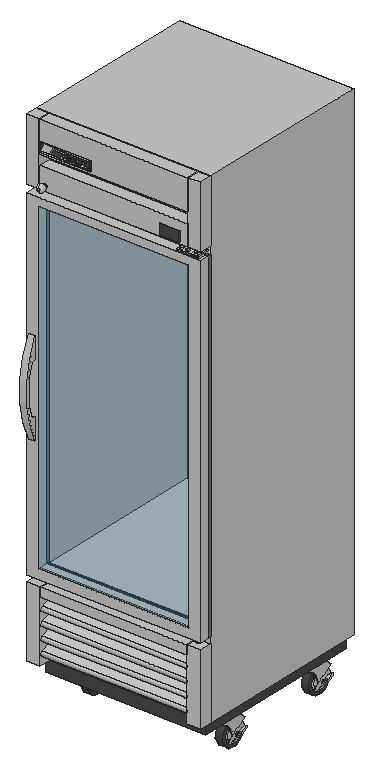
Revit family "QF_TRUE_T-23G-HC~FGD01_cat", category Specialty Equipment, Revit 2015
Parameters (values of type "T-23G-HC~FGD01_230-240/50/1")
  Weight in Pounds = 143
  Watts = if(Phase = 3, Volts * FL Amps * 1.73, Volts * FL Amps)  # 276 W
  Volts = 230 V
  URL Cutsheet = ""
  Specification by User = ""
  Specification by Manufacturer = ""
  Show Logo [instance] = yes
  Show Clearance [instance] = yes
  Show 6 Inches Standard Legs [instance] = no
  Show 6 Inches Seismic Flanged Legs [instance] = no
  Overall Height [instance] = Body Height + Base Height  # 83 11/16"
  Body Height [instance] = 78 7/16"
  6 Inches Seismic Flanged Legs [instance] = and(Show 6 Inches Seismic Flanged Legs, not(Show 5 Inches Casters))  # no
  6 Inches Standard Legs [instance] = and(Show 6 Inches Standard Legs, not(Show 5 Inches Casters))  # no
  Show 5 Inches Casters [instance] = if(Show 6 Inches Seismic Flanged Legs, Show 6 Inches Standard Legs, not(Show 6 Inches Standard Legs))  # yes
  Serial Number = ""
  Seismic Rating = ""
  SMACNA No = ""
  Revision Code = ""
  Phase = 1
  Number of Poles = 1
  NAFEM Spec ID Number = ""
  Model = "T-23G-HC~FGD01"
  Min Ckt Ampacity = 0 A
  Max Overcurrent Protection = 0 A
  Masterspec = ""
  Manufacturer = "TRUE"
  Length = 27"
  Item Number = ""
  Installed By = ""
  Identify Quantity as Lot = yes
  Height = 83 11/16"
  HP = "1/4"
  Furnished By = ""
  Foodservice Equipment Identifier = yes
  FL Amps = 1.2 A
  Electrical Remarks = ""
  Electric Connection Type = ""
  Elec Conn RI Height = 0"
  Elec Conn Connection Height = 0"
  Description = "REACH-IN SWING DOOR REFRIGERATOR WITH HYDROCARBON REFRIGERANT~FRAMED GLASS DOOR VERSION 01"
  Depth = 32 1/32"
  Cycle = 50 Hz
  Conn Plug = "NEMA 5-15P"
  Conn Conduit = yes
  CSI MasterFormat = ""
  Base Height [instance] = if(Show 5 Inches Casters, 5 1/4", 6")  # 5 1/4"
  Apparent Power = if(Phase = 3, Volts * FL Amps * 1.73, Volts * FL Amps)  # 276 VA
Reference planes (in)
  plane 1 "BACK": y = 0
  plane 2: z = 0
  plane 3 "LEFT": x = 0
  plane 4 "RIGHT": x = 27
  plane 5 "FRONT": y = -32.03125
  plane 6 "TOP": z = 5.25
  plane 7 "Center Y": x = 13.5
  plane 8 "Center X": y = -16.01562
  plane 9: z = 83.6875
Dimensions and locks (in)
  equal spacing: plane 3 "LEFT", plane 7 "Center Y", plane 4 "RIGHT"
  "Length": plane 3 "LEFT" to plane 4 "RIGHT"
  equal spacing: plane 5 "FRONT", plane 8 "Center X", plane 1 "BACK"
  "Depth": plane 5 "FRONT" to plane 1 "BACK"
  "Base Height": plane 6 "TOP" to level
  plane 1 "BACK" to nested 1 = 55 31/32"
  "Body Height": plane 9 to plane 6 "TOP"
  "Overall Height": plane 9 to plane 2
  aligned and locked: plane 2 to level
  aligned and locked: nested 1 to plane 6 "TOP"
Nested families (in)
  nested 1: "T-23G-HC-FGD01" at (0, 0, 5.25), Show Clearance <- "Show Clearance", Show Logo <- "Show Logo", type "T-23G-HC-FGD01"
    with Show Logo yes, Show Clearance yes
  nested 2: "TRUE_L6_C3.5" at (2.98654, -21.77779, 0), Show 6 Inches Legs <- "6 Inches Standard Legs", Seismic Flanged <- "6 Inches Seismic Flanged Legs", Show 5" Casters <- "Show 5 Inches Casters", type "TRUE_L6_C3.5"
    with Type Mark "", Specification by User "", Show 6 Inches Legs no, Show 5" Casters yes, Seismic Flanged no, Revision Code "", Item Number "", Installed By "", Identify Quantity as Lot yes, Furnished By "", Foodservice Equipment Identifier yes
  nested 3: "TRUE_L6_C3.5" at (24.01346, -21.77779, 0), Show 6 Inches Legs <- "6 Inches Standard Legs", Seismic Flanged <- "6 Inches Seismic Flanged Legs", Show 5" Casters <- "Show 5 Inches Casters", type "TRUE_L6_C3.5"
    with Type Mark "", Specification by User "", Show 6 Inches Legs no, Show 5" Casters yes, Seismic Flanged no, Revision Code "", Item Number "", Installed By "", Identify Quantity as Lot yes, Furnished By "", Foodservice Equipment Identifier yes
  nested 4: "TRUE_L6_C3.5" at (2.98654, -5.03471, 0), Show 6 Inches Legs <- "6 Inches Standard Legs", Seismic Flanged <- "6 Inches Seismic Flanged Legs", Show 5" Casters <- "Show 5 Inches Casters", type "TRUE_L6_C3.5"
    with Type Mark "", Specification by User "", Show 6 Inches Legs no, Show 5" Casters yes, Seismic Flanged no, Revision Code "", Item Number "", Installed By "", Identify Quantity as Lot yes, Furnished By "", Foodservice Equipment Identifier yes
  nested 5: "TRUE_L6_C3.5" at (24.01346, -5.03471, 0), Show 6 Inches Legs <- "6 Inches Standard Legs", Seismic Flanged <- "6 Inches Seismic Flanged Legs", Show 5" Casters <- "Show 5 Inches Casters", type "TRUE_L6_C3.5"
    with Type Mark "", Specification by User "", Show 6 Inches Legs no, Show 5" Casters yes, Seismic Flanged no, Revision Code "", Item Number "", Installed By "", Identify Quantity as Lot yes, Furnished By "", Foodservice Equipment Identifier yes
Connectors (in)
  electrical at (12.40625, 0.25, 5.87463), driven by "Volts", driven by "Watts"
    settings: on nested 1, index 1, voltage 230 V, apparent load 276 VA, apparent load phase1 0 VA, apparent load phase2 0 VA, apparent load phase3 0 VA, power factor 1, load classification "Other", number of poles 1, system type 30, power factor state 1, is connector primary yes, connector utility no, sub classification motor no, connector description "ELECTRICAL CONNECTION"
Definition of nested family "T-23G-HC-FGD01"
  Parameters (values of type "T-23G-HC-FGD01")
    Weight in Pounds = 0
    Watts = if(Phase = 3, Volts * FL Amps * 1.73, Volts * FL Amps)  # 0 W
    Volts = 0 V
    URL Cutsheet = ""
    Specification by User = ""
    Specification by Manufacturer = ""
    Show Logo [instance] = yes
    Show Clearance [instance] = yes
    Serial Number = ""
    Seismic Rating = ""
    SMACNA No = ""
    Revision Code = ""
    Phase = 0
    Number of Poles = 1
    NAFEM Spec ID Number = ""
    Model = "T-12FG-HC~FGD01"
    Min Ckt Ampacity = 0 A
    Max Overcurrent Protection = 0 A
    Masterspec = ""
    Manufacturer = "TRUE"
    Length = 27"
    Item Number = ""
    Installed By = ""
    Identify Quantity as Lot = yes
    Height = 78 7/16"
    HP = ""
    Furnished By = ""
    Foodservice Equipment Identifier = yes
    FL Amps = 0 A
    Electrical Remarks = ""
    Electric Connection Type = ""
    Elec Conn RI Height = 0"
    Elec Conn Connection Height = 0"
    Description = ""
    Depth = 32 1/8"
    Cycle = 0 Hz
    Conn Plug = ""
    Conn Conduit = yes
    CSI MasterFormat = ""
    Apparent Power = if(Phase = 3, Volts * FL Amps * 1.73, Volts * FL Amps)  # 0 VA
  Reference planes (in)
    plane 1 "BACK": y = 0
    plane 2: z = 0
    plane 3 "LEFT": x = 0
    plane 4 "RIGHT": x = 27
    plane 5 "FRONT": y = -32.125
    plane 6 "TOP": z = 78.4375
    plane 7 "Center Y": x = 13.5
    plane 8 "Center X": y = -16.0625
    plane 9: y = -55.96875
    plane 10: y = -32.03125
    plane 11: y = -0.46875
    plane 12: y = -30.21875
  Forms (in)
    Extrusion 1, solid
      sketch origin (0, 0, -3.4375) x (0, 1, 0) y (0, 0, 1)
        loop
          line (-27.83459, 5.6875) -> (-27.83459, 3.4375) -> (-0.625, 3.4375) -> (-0.625, 5.6875) -> (-27.83459, 5.6875)
      from 1.05258 to 25.94742
    Extrusion 2, solid
      sketch origin (0, 0, 59.09193) x (0, 0, -1) y (-1, 0, 0)
        loop
          circle (56.6548, -12.40625) r 0.25
      from 0 to 0.25
    Extrusion 3, solid
      sketch origin (0, 0, -3.4375) x (0, 1, 0) y (0, 0, 1)
        loop
          line (0, 17.70886) -> (-0.5, 17.70886) -> (-0.5, 4.13763) -> (0, 4.13763) -> (0, 17.70886)
      from 1.05258 to 24.89019
    Extrusion 4, solid
      sketch origin (0, -17.5, -3.4375) x (0, 1, 0) y (0, 0, 1)
        loop
          line (-12.71975, 16.72427) -> (-12.71975, 15.32363) -> (-10.75, 15.32363) -> (-10.75, 16.72427) -> (-12.71975, 16.72427)
        loop
          line (-12.21092, 9.13047) -> (-10.75, 9.69403) -> (-10.75, 10.49757) -> (-12.4797, 9.83066)
          arc (-12.4797, 9.83066) -> (-12.6954, 9.34618) -> (-12.21092, 9.13047) r 0.375
        loop
          line (-12.21092, 7.07086) -> (-10.75, 7.63441) -> (-10.75, 8.43796) -> (-12.4797, 7.77104)
          arc (-12.4797, 7.77104) -> (-12.6954, 7.28656) -> (-12.21092, 7.07086) r 0.375
        loop
          line (-12.21092, 11.19009) -> (-10.75, 11.75365) -> (-10.75, 12.55719) -> (-12.4797, 11.89027)
          arc (-12.4797, 11.89027) -> (-12.6954, 11.40579) -> (-12.21092, 11.19009) r 0.375
        loop
          line (-12.21092, 13.24971) -> (-10.75, 13.81326) -> (-10.75, 14.58298) -> (-12.4797, 13.94989)
          arc (-12.4797, 13.94989) -> (-12.6954, 13.46541) -> (-12.21092, 13.24971) r 0.375
      from 2.10981 to 24.89019
    Extrusion 5, solid
      sketch origin (0, -6, -3.4375) x (0, 1, 0) y (0, 0, 1)
        loop
          line (-24.21875, 81.875) -> (-24.21875, 72.15667) -> (-22.25, 72.15667) -> (-22.25, 81.875) -> (-24.21875, 81.875)
      from 0 to 1.90515
    Extrusion 6, solid
      sketch origin (0, -6, -3.4375) x (0, 1, 0) y (0, 0, 1)
        loop
          line (-24.21875, 75.43581) -> (-24.21875, 72.15667) -> (-22.25, 72.15667) -> (-22.25, 75.43581) -> (-24.21875, 75.43581)
        loop
          line (-24.21875, 77.01583) -> (-22.25, 77.01583) -> (-22.25, 81.875) -> (-24.21875, 81.875) -> (-24.21875, 77.01583)
      from 1.90515 to 25.09485
    Extrusion 7, solid
      sketch origin (0, 3.5, -0.60715) x (0, -1, 0) y (0, 0, 1)
        loop
          line (31.76964, 13.89392) -> (31.76964, 2.85715) -> (33.71975, 2.85715) -> (33.71975, 13.89392) -> (31.76964, 13.89392)
      from -2.10981 to 0
    Extrusion 8, solid
      sketch origin (27, -6, 0) x (0, -1, 0) y (0, 0, 1)
        loop
          line (24.21875, 78.4375) -> (22.25, 78.4375) -> (22.25, 68.71917) -> (24.21875, 68.71917) -> (24.21875, 78.4375)
      from 0 to 1.90515
    Extrusion 9, solid
      sketch origin (27, 3.5, -0.60715) x (0, -1, 0) y (0, 0, -1)
        loop
          line (31.76964, -13.89392) -> (33.71975, -13.89392) -> (33.71975, -2.85715) -> (31.76964, -2.85715) -> (31.76964, -13.89392)
      from -2.10981 to 0
    Extrusion 10, solid
      sketch origin (0, -28.25, 67.81199) x (1, 0, 0) y (0, 1, 0)
        loop
          line (26.54069, -1.96875) -> (26.50632, 0) -> (25.58853, 0) -> (25.55416, -1.96875) -> (26.54069, -1.96875)
        loop
          circle (26.09249, -1.43752) r 0.25
      from 0 to 0.1875
    Extrusion 11, solid
      sketch origin (0, -0.5, 75.5) x (0, 0, -1) y (-1, 0, 0)
        loop
          line (-2.9375, -27) -> (73.25, -27) -> (73.25, 0) -> (-2.9375, 0) -> (-2.9375, -27)
        loop
          line (9.19737, -1.82422) -> (9.19737, -25.17578) -> (59.72864, -25.17578) -> (59.72864, -1.82422) -> (9.19737, -1.82422)
      from 0.03125 to -27.75
    Extrusion 12, solid
      sketch origin (0, -0.46875, 75.5) x (0, 0, -1) y (-1, 0, 0)
        loop
          line (9.19737, -25.17578) -> (59.72864, -25.17578) -> (59.72864, -1.82422) -> (9.19737, -1.82422) -> (9.19737, -25.17578)
      from 0 to -1
    Extrusion 13, solid, visible <- "Show Clearance", detail levels coarse
      sketch origin (0, -6, 0) x (1, 0, 0) y (0, 1, 0)
        loop
          arc (0, -24.21975) -> (8.04185, -42.81758) -> (27, -49.96875) r 25.95555
          line (27, -49.96875) -> (27, -24.21975) -> (0, -24.21975)
      from 14.27136 to 67.43935
    Extrusion 14, solid
      sketch origin (0.25, -30.21875, 69.375) x (0, 0, 1) y (-1, 0, 0)
        loop
          line (1.18643, -20.5494) -> (-0.45344, -20.5494) -> (-0.45344, -23.49734) -> (1.18643, -23.49734) -> (1.18643, -20.5494)
      from 0 to 0.0625
    Revolve 15, solid
      sketch origin (2.8125, -5.12906, -0.74369) x (0, 1, 0) y (0, 0, 1)
        loop
          line (-26.21193, 70.14818) -> (-25.08969, 70.14818) -> (-25.08969, 70.44298) -> (-25.29687, 70.44298) -> (-25.29687, 70.50699) -> (-25.41402, 70.50699)
          arc (-25.41402, 70.50699) -> (-25.84599, 70.69468) -> (-26.21193, 70.39818) r 0.45393
          line (-26.21193, 70.39818) -> (-26.21193, 70.14818)
        axis (-26.21193, 70.14818) -> (-25.08969, 70.14818)
      angle from 0 to 360
    Extrusion 16, solid
      sketch origin (0, -27.64261, 2.25) x (0, 0, 1) y (-1, 0, 0)
        loop
          line (12.02136, 0) -> (12.02136, -27) -> (65.25185, -27) -> (65.25185, 0) -> (12.02136, 0)
        loop
          line (13.52136, -25.17578) -> (64.05263, -25.17578) -> (64.05263, -1.82422) -> (13.52136, -1.82422) -> (13.52136, -25.17578)
      from 0.88884 to 2.57713
    Extrusion 17, solid
      sketch origin (0, -30.21975, 2.25) x (0, 0, 1) y (-1, 0, 0)
        loop
          line (64.05263, -1.82422) -> (13.52136, -1.82422) -> (13.52136, -25.17578) -> (64.05263, -25.17578) -> (64.05263, -1.82422)
      from 0 to -0.25
    Extrusion 18, solid
      sketch origin (27, -27.64261, 14.27136) x (0, 1, 0) y (1, 0, 0)
        loop
          line (-0.60739, -1.14466) -> (-0.60739, -0.22626) -> (-2.06523, -0.25589)
          arc (-2.06523, -0.25589) -> (-2.48736, -0.68546) -> (-2.06523, -1.11503) r 0.42963
          line (-2.06523, -1.11503) -> (-0.60739, -1.14466)
        loop
          circle (-2.05773, -0.68546) r 0.25
      from 0 to 0.22057
    Extrusion 19, solid
      sketch origin (27, -27.64261, 14.27136) x (0, 1, 0) y (1, 0, 0)
        loop
          circle (-2.05773, -0.68546) r 0.25
      from 0 to 0.29961
    Extrusion 20, solid
      sketch origin (0, -27.64261, 67.50185) x (1, 0, 0) y (0, 1, 0)
        loop
          line (26.52659, -1.27764) -> (23.06149, -1.27764) -> (23.06149, -2.32875) -> (26.52659, -2.32875) -> (26.52659, -1.27764)
        loop
          circle (26.09113, -1.82353) r 0.25
        loop
          circle (24.44087, -1.81192) r 0.25
        loop
          circle (23.44087, -1.81192) r 0.25
      from 0 to 0.22057
    Extrusion 21, solid
      sketch origin (0, -27.64261, 67.50185) x (1, 0, 0) y (0, 1, 0)
        loop
          circle (24.44087, -1.81192) r 0.25
        loop
          circle (23.44087, -1.81192) r 0.25
      from 0 to 0.31015
    Extrusion 22, solid
      sketch origin (27, -27.64261, 14.27136) x (0, 1, 0) y (1, 0, 0)
        loop
          line (-0.60739, -1.14466) -> (-0.60739, -0.22626) -> (-2.06523, -0.25589)
          arc (-2.06523, -0.25589) -> (-2.48736, -0.68546) -> (-2.06523, -1.11503) r 0.42963
          line (-2.06523, -1.11503) -> (-0.60739, -1.14466)
        loop
          circle (-2.05773, -0.68546) r 0.25
      from 0 to 0.22057
    Extrusion 23, solid
      sketch origin (27, -27.64261, 14.27136) x (0, 1, 0) y (1, 0, 0)
        loop
          circle (-2.05773, -0.68546) r 0.25
      from 0 to 0.29961
    Extrusion 24, solid
      sketch origin (0, -27.64261, 67.99949) x (1, 0, 0) y (0, 1, 0)
        loop
          circle (26.09249, -1.82353) r 0.25
      from 0.07804 to -0.27708
    Extrusion 25, solid
      sketch origin (0, -27.64261, 14.27136) x (0, 0, 1) y (0, 1, 0)
        loop
          arc (19.07014, -2.57713) -> (26.43168, -4.32713) -> (33.79321, -2.57713) r 16.35849
          line (33.79321, -2.57713) -> (30.44196, -2.57713) -> (30.24974, -3.29452)
          arc (30.24974, -3.29452) -> (26.43168, -3.90001) -> (22.61362, -3.29452) r 12.3404
          line (22.61362, -3.29452) -> (22.4214, -2.57713) -> (19.07014, -2.57713)
      from -0.32819 to -1.31594
    Extrusion 26, solid
      sketch origin (0, -28.25, 75.5) x (0, 0, 1) y (-1, 0, 0)
        loop
          line (-7.99815, -27) -> (-7.99815, 0) -> (-61.22864, 0) -> (-61.22864, -27) -> (-7.99815, -27)
        loop
          line (-9.19737, -1.82422) -> (-59.72864, -1.82422) -> (-59.72864, -25.17578) -> (-9.19737, -25.17578) -> (-9.19737, -1.82422)
      from 0 to 0.28145
  Cuts and joins
    joined: Extrusion 11, Extrusion 12
  Lines and regions (in)
    symbolic lines
      curve 1: line (0, -0.46875, 0) -> (27, -0.46875, 0)
      curve 2: line (0, -30.82713, 0) -> (0, -0.46875, 0)
      curve 3: line (27, -0.46875, 0) -> (27, -30.82713, 0)
      curve 4: line (1.05258, 0, 0) -> (1.05258, -0.46875, 0)
      curve 5: line (1.05258, 0, 0) -> (24.89019, 0, 0)
      curve 6: line (24.89019, 0, 0) -> (24.89019, -0.46875, 0)
      curve 7: line (0, -30.21875, 0) -> (27, -30.21875, 0)
      curve 8: line (27, -28.25, 0) -> (0, -28.25, 0)
      curve 9: line (1.90515, -28.25, 0) -> (1.90515, -30.21875, 0)
      curve 10: line (25.09485, -28.25, 0) -> (25.09485, -30.21875, 0)
      curve 11: line (2.45369, -30.42593, 0) -> (3.17131, -30.42593, 0)
      curve 12: line (2.45369, -30.54308, 0) -> (2.45369, -30.42593, 0)
      curve 13: line (3.17131, -30.54308, 0) -> (2.45369, -30.54308, 0)
      curve 14: line (3.17131, -30.42593, 0) -> (3.17131, -30.54308, 0)
      curve 15: line (2.5177, -30.21875, 0) -> (2.5177, -30.42593, 0)
      curve 16: line (3.1073, -30.21875, 0) -> (3.1073, -30.42593, 0)
      curve 17: arc (3.0625, -31.34099, 0) -> (3.35505, -30.97451, 0) -> (3.17131, -30.54308, 0) r 0.45745
      curve 18: arc (2.45369, -30.54308, 0) -> (2.2631, -30.97544, 0) -> (2.5625, -31.34099, 0) r 0.45147
      curve 19: line (3.0625, -31.34099, 0) -> (2.5625, -31.34099, 0)
      curve 20: line (1.31594, -30.21875, 0) -> (1.31594, -32.03125, 0)
      curve 21: line (1.31594, -32.03125, 0) -> (0.32819, -32.03125, 0)
      curve 22: line (0.32819, -30.21875, 0) -> (0.32819, -32.03125, 0)
      curve 23: arc (0, -30.21975, 0) -> (0.99969, -37.17067, 0) -> (3.82611, -43.5992, 0) r 25.95555
      curve 24: line (3.82611, -43.5992, 0) -> (27, -30.21975, 0)
  Dimensions and locks (in)
    equal spacing: plane 3 "LEFT", plane 7 "Center Y", plane 4 "RIGHT"
    "Length": plane 3 "LEFT" to plane 4 "RIGHT"
    equal spacing: plane 5 "FRONT", plane 8 "Center X", plane 1 "BACK"
    "Depth": plane 5 "FRONT" to plane 1 "BACK"
    "Height": plane 6 "TOP" to level
    plane 4 "RIGHT" to plane 3 "LEFT" = 27"
    plane 1 "BACK" to plane 9 = 55 31/32"
    plane 1 "BACK" to plane 10 = 32 1/32"
    plane 10 to plane 12 to plane 11 to plane 1 "BACK" = 1 13/16", 29 3/4", 15/32"
    plane 9 to plane 1 "BACK" = 55 31/32"
    plane 10 to plane 1 "BACK" = 32 1/32"
    aligned and locked: level to plane 2
  Automatic sketch dimensions
    Extrusion 1 sketch curve to level = 0"
    Extrusion 1 sketch curve to plane 12 = 2.38416"
    plane 11 to Extrusion 1 sketch curve = 5/32"
    level to Extrusion 1 sketch curve = 2 1/4"
    Extrusion 2 sketch curve to plane 7 "Center Y" = 1 3/32"
    level to Extrusion 2 sketch curve = 2.43713"
    Extrusion 3 sketch curve to plane 1 "BACK" = 0"
    plane 11 to Extrusion 3 sketch curve = 1/32"
    level to Extrusion 3 sketch curve = 0.70013"
    Extrusion 3 sketch curve to Extrusion 3 sketch curve = 13.57123"
    Extrusion 5 sketch curve to plane 12 = 0"
    Extrusion 5 sketch curve to plane 6 "TOP" = 0"
    Extrusion 5 sketch curve to Extrusion 5 sketch curve = 1 31/32"
    Extrusion 5 sketch curve to plane 6 "TOP" = 9.71833"
    Extrusion 6 sketch curve to plane 12 = 0"  (x2)
    Extrusion 6 sketch curve to plane 6 "TOP" = 0"
    Extrusion 6 sketch curve to Extrusion 6 sketch curve = 1 31/32"
    Extrusion 6 sketch curve to Extrusion 6 sketch curve = 0"
    Extrusion 6 sketch curve to plane 6 "TOP" = 4.85917"
    Extrusion 6 sketch curve to Extrusion 6 sketch curve = 1.58002"
    Extrusion 6 sketch curve to Extrusion 6 sketch curve = 3.27914"
    Extrusion 7 sketch curve to Extrusion 7 sketch curve = 11.03677"
    Extrusion 8 sketch curve to plane 6 "TOP" = 0"
    Extrusion 8 sketch curve to plane 12 = 0"
    Extrusion 8 sketch curve to Extrusion 8 sketch curve = 1 31/32"
    Extrusion 8 sketch curve to plane 6 "TOP" = 9.71833"
    level to Extrusion 9 sketch curve = 13.28677"
    plane 4 "RIGHT" to Extrusion 11 sketch curve = 0"
    Extrusion 11 sketch curve to plane 6 "TOP" = 0"
    Extrusion 11 sketch curve to plane 3 "LEFT" = 0"
    plane 3 "LEFT" to Extrusion 11 sketch curve = 1 211/256"
    Extrusion 11 sketch curve to plane 6 "TOP" = 12.13487"
    level to Extrusion 11 sketch curve = 15.77136"
    level to Extrusion 11 sketch curve = 2 1/4"
    plane 4 "RIGHT" to Extrusion 11 sketch curve = 1 211/256"
    Extrusion 12 sketch curve to Extrusion 11 = 0"  (x3)
    Extrusion 11 to Extrusion 12 sketch curve = 0"
    Extrusion 14 sketch curve to plane 6 "TOP" = 9.51594"
    Extrusion 14 sketch curve to Extrusion 14 sketch curve = 1.63987"
    plane 4 "RIGHT" to Extrusion 14 sketch curve = 3.25266"
    Extrusion 14 sketch curve to Extrusion 14 sketch curve = 2.94794"
    Revolve 15 sketch curve to plane 12 = 0"  (x2)
    plane 12 to Revolve 15 sketch curve = 0.20718"
    Revolve 15 sketch curve to Revolve 15 sketch curve = 0.11714"
    Revolve 15 sketch curve to Revolve 15 sketch curve = 0.37064"
    Revolve 15 sketch curve to Revolve 15 sketch curve = 0.42727"
    Revolve 15 sketch curve to plane 6 "TOP" = 9.03301"
    Revolve 15 sketch curve to Revolve 15 sketch curve = 0.09674"
    Revolve 15 sketch curve to Revolve 15 sketch curve = 1/4"
    Revolve 15 sketch curve to Revolve 15 sketch curve = 0.064"
    Revolve 15 sketch curve to Revolve 15 sketch curve = 0.62631"
    Revolve 15 sketch curve to Revolve 15 sketch curve = 0"
    Extrusion 16 sketch curve to plane 3 "LEFT" = 0"
    plane 4 "RIGHT" to Extrusion 16 sketch curve = 0"
    level to Extrusion 16 sketch curve = 14.27136"
    Extrusion 16 sketch curve to Extrusion 16 sketch curve = 1 1/2"
    plane 4 "RIGHT" to Extrusion 16 sketch curve = 1 211/256"
    Extrusion 16 sketch curve to plane 6 "TOP" = 12.13487"
    Extrusion 16 sketch curve to Extrusion 16 sketch curve = 1 51/256"
    plane 3 "LEFT" to Extrusion 16 sketch curve = 1 211/256"
    Extrusion 17 sketch curve to Extrusion 16 = 0"  (x4)
    Extrusion 18 sketch curve to Extrusion 18 sketch curve = 0"  (x2)
    Extrusion 18 sketch curve to Extrusion 16 = 0.51191"  (x2)
    Extrusion 18 sketch curve to Extrusion 16 = 0.25589"
    Extrusion 18 sketch curve to Extrusion 18 sketch curve = 0.0075"
    Extrusion 16 to Extrusion 18 sketch curve = 0.28145"
    Extrusion 18 sketch curve to Extrusion 16 = 0.22626"
    Extrusion 18 sketch curve to Extrusion 18 sketch curve = 0.42957"
    Extrusion 18 sketch curve to Extrusion 18 sketch curve = 0.91839"
    Extrusion 19 sketch curve to Extrusion 16 = 0.5194"
    Extrusion 19 sketch curve to Extrusion 16 = 0.68546"
    Extrusion 16 to Extrusion 20 sketch curve = 0.24838"
    Extrusion 16 to Extrusion 20 sketch curve = 3.93851"
    Extrusion 20 sketch curve to Extrusion 20 sketch curve = 0.37938"
    Extrusion 20 sketch curve to Extrusion 20 sketch curve = 1"
    Extrusion 16 to Extrusion 20 sketch curve = 0.90887"
    Extrusion 16 to Extrusion 20 sketch curve = 0.47341"
    Extrusion 20 sketch curve to Extrusion 20 sketch curve = 0.50522"
    Extrusion 16 to Extrusion 20 sketch curve = 0.76522"
    Extrusion 20 sketch curve to Extrusion 20 sketch curve = 0.51683"
    Extrusion 16 to Extrusion 20 sketch curve = 0.3888"
    Extrusion 16 to Extrusion 21 sketch curve = 0.76522"  (x2)
    Extrusion 16 to Extrusion 21 sketch curve = 3.55913"
    Extrusion 21 sketch curve to Extrusion 21 sketch curve = 1"
    Extrusion 22 sketch curve to Extrusion 22 sketch curve = 0"  (x2)
    Extrusion 22 sketch curve to plane 12 = 0.51091"  (x2)
    Extrusion 22 sketch curve to Extrusion 22 sketch curve = 0.0075"
    Extrusion 22 sketch curve to Extrusion 22 sketch curve = 1.45784"
    plane 4 "RIGHT" to Extrusion 22 sketch curve = 0.22626"
    plane 4 "RIGHT" to Extrusion 22 sketch curve = 0.25589"
    Extrusion 22 sketch curve to Extrusion 22 sketch curve = 0.42957"
    Extrusion 22 sketch curve to Extrusion 22 sketch curve = 0.91839"
    Extrusion 23 sketch curve to plane 12 = 0.51841"
    plane 4 "RIGHT" to Extrusion 23 sketch curve = 0.68546"
    Extrusion 24 sketch curve to Extrusion 24 sketch curve = 0"  (x2)
    plane 4 "RIGHT" to Extrusion 24 sketch curve = 0.90751"
    Extrusion 24 sketch curve to plane 12 = 0.75261"
    Extrusion 24 sketch curve to Extrusion 24 sketch curve = 1/4"
    plane 12 to Extrusion 25 sketch curve = 0.001"  (x2)
    level to Extrusion 25 sketch curve = 33.34151"
    Extrusion 25 sketch curve to Extrusion 25 sketch curve = 3.35125"
    plane 12 to Extrusion 25 sketch curve = 0.71838"  (x2)
    Extrusion 25 sketch curve to Extrusion 25 sketch curve = 0.19222"  (x2)
    Extrusion 25 sketch curve to plane 8 "Center X" = 3.13973"
    Extrusion 25 sketch curve to Extrusion 25 sketch curve = 4.01028"
    plane 8 "Center X" to Extrusion 25 sketch curve = 0.45124"
    Extrusion 25 sketch curve to Extrusion 25 sketch curve = 0"
    Extrusion 13 sketch curve to plane 3 "LEFT" = 0"
    Extrusion 13 sketch curve to plane 4 "RIGHT" = 0"
    Extrusion 13 sketch curve to plane 9 = 0"
    Extrusion 13 sketch curve to plane 12 = 0.1845"
    plane 12 to Extrusion 13 sketch curve = 0.001"
    plane 12 to Extrusion 4 sketch curve = 0.001"
    Extrusion 4 sketch curve to plane 12 = 0.23905"  (x4)
    Extrusion 4 sketch curve to plane 12 = 0.37344"  (x4)
    Extrusion 4 sketch curve to Extrusion 4 sketch curve = 0.13439"  (x4)
    Extrusion 4 sketch curve to Extrusion 4 sketch curve = 1 59/128"
    Extrusion 4 sketch curve to plane 12 = 1 31/32"
    Extrusion 4 sketch curve to Extrusion 4 sketch curve = 0"  (x3)
    Extrusion 4 sketch curve to Extrusion 4 sketch curve = 0.35009"  (x4)
    Extrusion 4 sketch curve to Extrusion 4 sketch curve = 0.80354"  (x3)
    Extrusion 4 sketch curve to Extrusion 4 sketch curve = 1.35943"  (x3)
    Extrusion 4 sketch curve to Extrusion 4 sketch curve = 1.25607"  (x3)
    Extrusion 4 sketch curve to Extrusion 4 sketch curve = 0.76972"
    Extrusion 4 sketch curve to Extrusion 4 sketch curve = 0.74065"
    Extrusion 4 sketch curve to Extrusion 4 sketch curve = 1.40064"
    Extrusion 9 sketch curve to plane 12 = 1.94911"
    Extrusion 7 sketch curve to plane 12 = 1.94911"
    level to Extrusion 7 sketch curve = 2 1/4"
    level to Extrusion 4 sketch curve = 3.63336"
    Extrusion 4 sketch curve to Extrusion 4 sketch curve = 0.56356"
    plane 12 to Extrusion 9 sketch curve = 0.001"
    Extrusion 9 sketch curve to Extrusion 9 sketch curve = 11.03677"
    plane 12 to Extrusion 7 sketch curve = 0.001"
    plane 4 "RIGHT" to Extrusion 10 sketch curve = 1.44584"
    plane 4 "RIGHT" to Extrusion 10 sketch curve = 1.41147"
    plane 4 "RIGHT" to Extrusion 10 sketch curve = 0.90751"
    plane 4 "RIGHT" to Extrusion 10 sketch curve = 0.49368"
    plane 4 "RIGHT" to Extrusion 10 sketch curve = 0.45931"
    plane 12 to Extrusion 10 sketch curve = 0"
    Extrusion 10 sketch curve to plane 12 = 17/32"
    Extrusion 10 sketch curve to Extrusion 10 sketch curve = 1 7/16"
    curve 2 to plane 3 "LEFT" = 0"
    curve 22 to plane 10 = 0"
    plane 12 to curve 22 = 0"
    plane 1 "BACK" to curve 4 = 0"
    plane 11 to curve 4 = 0"
    curve 3 to plane 4 "RIGHT" = 0"
    plane 9 to curve 23 = 12.36955"
    plane 3 "LEFT" to curve 22 = 0.32819"
    plane 3 "LEFT" to curve 4 = 1.05258"
    curve 21 to curve 20 = 0.98776"
    plane 12 to curve 13 = 0.32433"
    curve 20 to curve 13 = 1.13775"
    curve 12 to curve 19 = 0.10881"
    curve 19 to curve 18 = 0.14793"
    curve 18 to curve 17 = 0.19137"
    curve 17 to curve 19 = 0.1607"
    curve 17 to curve 13 = 0.26951"
    plane 4 "RIGHT" to curve 6 = 2.10981"
    curve 23 to plane 12 = 0.1845"
    curve 23 to curve 7 = 1.04511"
    plane 10 to curve 19 = 0.69026"
    curve 12 to curve 11 = 0.11714"
    plane 3 "LEFT" to curve 24 = 3.82611"
    curve 9 to curve 11 = 0.54855"
    curve 11 to curve 15 = 0.064"
    curve 16 to curve 11 = 0.064"
    plane 4 "RIGHT" to curve 10 = 1.90515"
    curve 2 to curve 23 = 0.60739"
    plane 12 to curve 3 = 0.60838"
    plane 12 to curve 24 = 0.001"
    curve 7 to curve 8 = 1 31/32"
    Extrusion 26 sketch curve to Extrusion 11 = 0"  (x4)
    Extrusion 11 to Extrusion 26 sketch curve = 0"  (x2)
    Extrusion 11 to Extrusion 26 sketch curve = 1 51/256"
    Extrusion 26 sketch curve to Extrusion 26 sketch curve = 1 1/2"
    radius of Extrusion 2 sketch curve = 1/4"
    radius of Extrusion 18 sketch curve = 1/4"
    radius of Extrusion 19 sketch curve = 1/4"
    radius of Extrusion 20 sketch curve = 1/4"  (x3)
    radius of Extrusion 21 sketch curve = 1/4"  (x2)
    radius of Extrusion 22 sketch curve = 1/4"
    radius of Extrusion 23 sketch curve = 1/4"
    radius of Extrusion 10 sketch curve = 1/4"
  Nested families (in)
    nested 1: "QF_LOGO_TRUE" at (1.90515, -30.21875, 73.9375), Show Logo <- "Show Logo", type "QF_LOGO_TRUE", detail levels medium+fine
      with Show Logo yes
  Definition of nested family "QF_LOGO_TRUE"
    Parameters (values of type "QF_LOGO_TRUE")
      Show Logo [instance] = yes
    Reference planes (in)
      plane 1 "Center (Front/Back)": y = 0
      plane 2: z = 0
      plane 3 "Center (Left/Right)": x = 0
    Forms (in)
      Extrusion 1, solid, visible <- "Show Logo"
        sketch origin (-78.34647, 34.76905, -30.51001) x (1, 0, 0) y (0, 0, 1)
          loop
            line (81.15226, 31.65456) -> (81.07353, 31.48573) -> (82.12083, 31.48573)
            arc (82.12083, 31.48573) -> (82.14208, 31.44814) -> (82.12083, 31.41055) r 0.04386
            line (82.12083, 31.41055) -> (81.84767, 30.82478)
            arc (81.84767, 30.82478) -> (81.84531, 30.77052) -> (81.882, 30.73048) r 0.07096
            line (81.882, 30.73048) -> (82.55165, 30.73048)
            arc (82.55165, 30.73048) -> (82.63621, 30.75714) -> (82.69019, 30.82748) r 0.14742
            line (82.69019, 30.82748) -> (82.90515, 31.28847) -> (83.10265, 31.28847)
            arc (83.10265, 31.28847) -> (83.15447, 31.26942) -> (83.14697, 31.21472) r 0.04405
            line (83.14697, 31.21472) -> (82.9671, 30.82899)
            arc (82.9671, 30.82899) -> (82.9699, 30.76493) -> (83.02398, 30.73048) r 0.06943
            line (83.02398, 30.73048) -> (83.6124, 30.73048)
            arc (83.6124, 30.73048) -> (83.65748, 30.74689) -> (83.68147, 30.78844) r 0.07014
            arc (83.68147, 30.78844) -> (83.69845, 30.74745) -> (83.73943, 30.73048) r 0.05796
            line (83.73943, 30.73048) -> (84.112, 30.73048)
            arc (84.112, 30.73048) -> (84.15504, 30.74201) -> (84.18655, 30.77352) r 0.08608
            arc (84.18655, 30.77352) -> (84.20164, 30.7371) -> (84.23806, 30.72202) r 0.0515
            line (84.23806, 30.72202) -> (84.76757, 30.72202)
            arc (84.76757, 30.72202) -> (84.81086, 30.73995) -> (84.8288, 30.78324) r 0.06122
            arc (84.8288, 30.78324) -> (84.86848, 30.74355) -> (84.92269, 30.72903) r 0.10842
            line (84.92269, 30.72903) -> (85.91461, 30.72903) -> (86.02479, 30.91987) -> (85.0243, 30.91987)
            arc (85.0243, 30.91987) -> (84.99669, 30.93902) -> (84.99566, 30.97261) r 0.03732
            line (84.99566, 30.97261) -> (85.01297, 31.00972)
            arc (85.01297, 31.00972) -> (85.03954, 31.04453) -> (85.0813, 31.05774) r 0.07263
            line (85.0813, 31.05774) -> (85.40289, 31.05774)
            arc (85.40289, 31.05774) -> (85.4723, 31.07633) -> (85.52311, 31.12715) r 0.13882
            line (85.52311, 31.12715) -> (85.61625, 31.28847)
            arc (85.61625, 31.28847) -> (85.61625, 31.37458) -> (85.54168, 31.41763) r 0.08611
            line (85.54168, 31.41763) -> (85.20227, 31.41763)
            arc (85.20227, 31.41763) -> (85.11574, 31.40294) -> (85.05538, 31.33923) r 0.13863
            line (85.05538, 31.33923) -> (84.89409, 30.99333)
            arc (84.89409, 30.99333) -> (84.84649, 30.9313) -> (84.77191, 30.90778) r 0.13002
            line (84.77191, 30.90778) -> (84.41984, 30.90778)
            arc (84.41984, 30.90778) -> (84.3777, 30.95378) -> (84.38042, 31.0161) r 0.08151
            line (84.38042, 31.0161) -> (84.56766, 31.41763) -> (84.44849, 31.41763) -> (84.25012, 30.99222)
            arc (84.25012, 30.99222) -> (84.21158, 30.94199) -> (84.15119, 30.92296) r 0.10527
            line (84.15119, 30.92296) -> (83.90842, 30.92296)
            arc (83.90842, 30.92296) -> (83.8674, 30.97642) -> (83.87619, 31.04323) r 0.08805
            line (83.87619, 31.04323) -> (84.05078, 31.41763) -> (83.92772, 31.41763) -> (83.72676, 30.98668)
            arc (83.72676, 30.98668) -> (83.68011, 30.94003) -> (83.61639, 30.92296) r 0.12745
            line (83.61639, 30.92296) -> (83.26484, 30.92296)
            arc (83.26484, 30.92296) -> (83.2017, 30.9524) -> (83.19563, 31.0218) r 0.06967
            line (83.19563, 31.0218) -> (83.31118, 31.26961) -> (83.47452, 31.26961)
            arc (83.47452, 31.26961) -> (83.50209, 31.35268) -> (83.56075, 31.41763) r 0.21289
            line (83.56075, 31.41763) -> (82.92244, 31.41763)
            arc (82.92244, 31.41763) -> (82.85151, 31.40191) -> (82.80242, 31.34834) r 0.12081
            line (82.80242, 31.34834) -> (82.6294, 30.9773)
            arc (82.6294, 30.9773) -> (82.58962, 30.93752) -> (82.53528, 30.92296) r 0.10869
            line (82.53528, 30.92296) -> (82.1542, 30.92296)
            arc (82.1542, 30.92296) -> (82.12446, 30.96315) -> (82.13012, 31.01283) r 0.06822
            line (82.13012, 31.01283) -> (82.38156, 31.48573) -> (83.01596, 31.48573) -> (83.09469, 31.65456) -> (82.46029, 31.65456) -> (82.53902, 31.8234) -> (82.31334, 31.8234) -> (82.23461, 31.65456) -> (81.15226, 31.65456)
          loop
            arc (85.15937, 31.26434) -> (85.13191, 31.25698) -> (85.1118, 31.23688) r 0.05494
            line (85.1118, 31.23688) -> (85.09547, 31.18665)
            arc (85.09547, 31.18665) -> (85.10304, 31.16837) -> (85.12133, 31.16079) r 0.02586
            line (85.12133, 31.16079) -> (85.39889, 31.16079)
            arc (85.39889, 31.16079) -> (85.41888, 31.16523) -> (85.43513, 31.1777) r 0.04731
            line (85.43513, 31.1777) -> (85.44863, 31.2402)
            arc (85.44863, 31.2402) -> (85.44466, 31.25693) -> (85.42914, 31.26434) r 0.01994
            line (85.42914, 31.26434) -> (85.15937, 31.26434)
          loop
            line (78.62961, 30.74125) -> (80.12032, 30.74125) -> (80.73891, 31.81268) -> (79.2482, 31.81268) -> (78.62961, 30.74125)
        from 34.76797 to 34.83173
      Extrusion 2, solid, visible <- "Show Logo"
        sketch origin (-142.84857, 34.75108, -33.3546) x (1, 0, 0) y (0, 0, 1)
          loop
            line (150.81107, 34.71978) -> (142.98607, 34.71978) -> (142.98607, 33.4921) -> (150.81107, 33.4921) -> (150.81107, 34.71978)
        from 34.75108 to 34.78125
      Extrusion 3, solid, visible <- "Show Logo"
        sketch origin (-142.84857, 34.75108, -33.3546) x (1, 0, 0) y (0, 0, 1)
          loop
            line (150.94857, 34.85727) -> (142.84857, 34.85727) -> (142.84857, 33.3546) -> (150.94857, 33.3546) -> (150.94857, 34.85727)
          loop
            line (142.98607, 34.71978) -> (142.98607, 33.4921) -> (150.81107, 33.4921) -> (150.81107, 34.71978) -> (142.98607, 34.71978)
        from 34.75108 to 34.81376
      Extrusion 4, solid, not visible
        sketch origin (121.45701, -16.5, 4.98235) x (1, 0, 0) y (0, 0, 1)
          loop
            line (25.20115, 35.89949) -> (25.20115, 33.96647) -> (30.95381, 33.96647) -> (30.95381, 35.89949) -> (25.20115, 35.89949)
        from 31.5 to 31.54261
      Extrusion 5, solid, not visible
        sketch origin (121.45701, -16.5, 4.98235) x (1, 0, 0) y (0, 0, 1)
          loop
            line (26.7387, 34.95472) -> (26.61492, 34.49276) -> (27.038, 34.49276)
            arc (27.038, 34.49276) -> (27.13117, 34.52484) -> (27.18485, 34.60749) r 0.15134
            arc (27.18485, 34.60749) -> (27.20396, 34.68138) -> (27.22435, 34.75493) r 4.37326
            arc (27.22435, 34.75493) -> (27.23458, 34.81765) -> (27.22435, 34.88037) r 0.1974
            arc (27.22435, 34.88037) -> (27.18247, 34.93579) -> (27.11563, 34.95472) r 0.10914
            line (27.11563, 34.95472) -> (26.7387, 34.95472)
          loop
            line (26.90201, 34.80638) -> (26.84645, 34.59903) -> (26.92855, 34.59903)
            arc (26.92855, 34.59903) -> (26.98205, 34.6185) -> (27.01051, 34.6678) r 0.08322
            line (27.01051, 34.6678) -> (27.02399, 34.74424)
            arc (27.02399, 34.74424) -> (27.01491, 34.78454) -> (26.97985, 34.80638) r 0.05353
            line (26.97985, 34.80638) -> (26.90201, 34.80638)
          loop
            line (27.45336, 34.66131) -> (27.76233, 34.66131) -> (27.78859, 34.73909)
            arc (27.78859, 34.73909) -> (27.7878, 34.82039) -> (27.73107, 34.87864) r 0.10925
            arc (27.73107, 34.87864) -> (27.68233, 34.8944) -> (27.63139, 34.89974) r 0.24595
            line (27.63139, 34.89974) -> (27.46708, 34.89974)
            arc (27.46708, 34.89974) -> (27.4068, 34.88073) -> (27.3535, 34.84677) r 0.2421
            arc (27.3535, 34.84677) -> (27.2897, 34.76363) -> (27.26702, 34.66131) r 0.2421
            line (27.26702, 34.66131) -> (27.26702, 34.54477)
            arc (27.26702, 34.54477) -> (27.31618, 34.4956) -> (27.38334, 34.47761) r 0.13431
            line (27.38334, 34.47761) -> (27.59054, 34.47761)
            arc (27.59054, 34.47761) -> (27.63459, 34.48281) -> (27.67622, 34.49812) r 0.18924
            line (27.67622, 34.49812) -> (27.73102, 34.61563)
            arc (27.73102, 34.61563) -> (27.68453, 34.59565) -> (27.63566, 34.58252) r 0.35376
            arc (27.63566, 34.58252) -> (27.55885, 34.56956) -> (27.48204, 34.58252) r 0.23415
            arc (27.48204, 34.58252) -> (27.44492, 34.61362) -> (27.45336, 34.66131) r 0.04838
          loop
            line (27.4842, 34.73042) -> (27.62012, 34.73042) -> (27.62621, 34.76496)
            arc (27.62621, 34.76496) -> (27.58961, 34.80242) -> (27.53739, 34.80638) r 0.0742
            arc (27.53739, 34.80638) -> (27.49747, 34.77773) -> (27.4842, 34.73042) r 0.0742
          loop
            line (27.91616, 34.97572) -> (27.78675, 34.49276) -> (27.98645, 34.49276) -> (28.11586, 34.97572) -> (27.91616, 34.97572)
          loop
            line (28.13678, 34.66131) -> (28.08755, 34.47761) -> (28.27134, 34.47761) -> (28.32056, 34.66131) -> (28.43674, 34.66131) -> (28.47974, 34.78864) -> (28.36519, 34.78864)
            arc (28.36519, 34.78864) -> (28.35733, 34.81649) -> (28.36921, 34.84288) r 0.04231
            arc (28.36921, 34.84288) -> (28.431, 34.8652) -> (28.49617, 34.85686) r 0.13988
            line (28.49617, 34.85686) -> (28.53544, 34.97317)
            arc (28.53544, 34.97317) -> (28.39725, 34.99096) -> (28.25905, 34.97317) r 0.54546
            arc (28.25905, 34.97317) -> (28.20849, 34.91994) -> (28.18197, 34.85147) r 0.1894
            line (28.18197, 34.85147) -> (28.17089, 34.78864) -> (28.11397, 34.78864) -> (28.07985, 34.66131) -> (28.13678, 34.66131)
          loop
            arc (28.74846, 34.89756) -> (28.65884, 34.88533) -> (28.56922, 34.89756) r 0.33455
            line (28.56922, 34.89756) -> (28.45669, 34.47761) -> (28.63593, 34.47761) -> (28.74846, 34.89756)
          loop
            arc (28.60398, 35.01195) -> (28.57699, 34.97173) -> (28.60398, 34.9315) r 0.04347
            line (28.60398, 34.9315) -> (28.75755, 34.9315)
            arc (28.75755, 34.9315) -> (28.78645, 34.96687) -> (28.77911, 35.01195) r 0.0556
            line (28.77911, 35.01195) -> (28.60398, 35.01195)
          loop
            line (28.95336, 34.66131) -> (29.26233, 34.66131) -> (29.28859, 34.73909)
            arc (29.28859, 34.73909) -> (29.2878, 34.82039) -> (29.23107, 34.87864) r 0.10925
            arc (29.23107, 34.87864) -> (29.18233, 34.8944) -> (29.13139, 34.89974) r 0.24595
            line (29.13139, 34.89974) -> (28.96708, 34.89974)
            arc (28.96708, 34.89974) -> (28.9068, 34.88073) -> (28.8535, 34.84677) r 0.2421
            arc (28.8535, 34.84677) -> (28.7897, 34.76363) -> (28.76702, 34.66131) r 0.2421
            line (28.76702, 34.66131) -> (28.76702, 34.54477)
            arc (28.76702, 34.54477) -> (28.81618, 34.4956) -> (28.88334, 34.47761) r 0.13431
            line (28.88334, 34.47761) -> (29.09054, 34.47761)
            arc (29.09054, 34.47761) -> (29.13459, 34.48281) -> (29.17622, 34.49812) r 0.18924
            line (29.17622, 34.49812) -> (29.23102, 34.61563)
            arc (29.23102, 34.61563) -> (29.18453, 34.59565) -> (29.13566, 34.58252) r 0.35376
            arc (29.13566, 34.58252) -> (29.05885, 34.56956) -> (28.98204, 34.58252) r 0.23415
            arc (28.98204, 34.58252) -> (28.94492, 34.61362) -> (28.95336, 34.66131) r 0.04838
          loop
            line (28.9842, 34.73042) -> (29.12012, 34.73042) -> (29.12621, 34.76496)
            arc (29.12621, 34.76496) -> (29.08961, 34.80242) -> (29.03739, 34.80638) r 0.0742
            arc (29.03739, 34.80638) -> (28.99747, 34.77773) -> (28.9842, 34.73042) r 0.0742
          loop
            line (29.41616, 34.97572) -> (29.28675, 34.49276) -> (29.48645, 34.49276) -> (29.61586, 34.97572) -> (29.41616, 34.97572)
          loop
            line (29.99836, 34.97572) -> (29.95192, 34.80242)
            arc (29.95192, 34.80242) -> (29.94473, 34.85705) -> (29.90102, 34.89059) r 0.07199
            arc (29.90102, 34.89059) -> (29.80023, 34.89941) -> (29.70251, 34.87322) r 0.29131
            arc (29.70251, 34.87322) -> (29.61806, 34.7652) -> (29.5896, 34.63108) r 0.30433
            line (29.5896, 34.63108) -> (29.5896, 34.55572)
            arc (29.5896, 34.55572) -> (29.61075, 34.50463) -> (29.66184, 34.48348) r 0.07224
            line (29.66184, 34.48348) -> (29.78537, 34.48348)
            arc (29.78537, 34.48348) -> (29.83854, 34.51313) -> (29.88504, 34.55243) r 0.31609
            line (29.88504, 34.55243) -> (29.86905, 34.49276) -> (30.05973, 34.49276) -> (30.18914, 34.97572) -> (29.99836, 34.97572)
          loop
            arc (29.84537, 34.75931) -> (29.79424, 34.71128) -> (29.77745, 34.64317) r 0.12371
            arc (29.77745, 34.64317) -> (29.80071, 34.59901) -> (29.85056, 34.59647) r 0.05045
            arc (29.85056, 34.59647) -> (29.90141, 34.64047) -> (29.92536, 34.7033) r 0.13769
            arc (29.92536, 34.7033) -> (29.90211, 34.75521) -> (29.84537, 34.75931) r 0.05543
          loop
            line (26.45047, 35.26762) -> (26.58211, 35.26762)
            arc (26.58211, 35.26762) -> (26.60467, 35.30821) -> (26.62126, 35.35157) r 0.3277
            arc (26.62126, 35.35157) -> (26.62714, 35.39992) -> (26.60877, 35.44503) r 0.09693
            arc (26.60877, 35.44503) -> (26.56454, 35.48868) -> (26.50462, 35.50516) r 0.12312
            arc (26.50462, 35.50516) -> (26.44158, 35.50565) -> (26.37854, 35.50546) r 5.76967
            arc (26.37854, 35.50546) -> (26.07462, 35.42923) -> (25.81045, 35.26076) r 0.97743
            line (25.81045, 35.26076) -> (25.85921, 35.26076)
            arc (25.85921, 35.26076) -> (26.08494, 35.39361) -> (26.3396, 35.45485) r 0.88817
            arc (26.3396, 35.45485) -> (26.41429, 35.44188) -> (26.47267, 35.39352) r 0.14748
            arc (26.47267, 35.39352) -> (26.48041, 35.32725) -> (26.45047, 35.26762) r 0.11636
          loop
            arc (26.35412, 35.17841) -> (26.19578, 35.0555) -> (26.00982, 34.98069) r 0.72453
            arc (26.00982, 34.98069) -> (25.9036, 34.95581) -> (25.79459, 34.9604) r 0.40201
            arc (25.79459, 34.9604) -> (25.7275, 34.98819) -> (25.69972, 35.05528) r 0.09488
            arc (25.69972, 35.05528) -> (25.71867, 35.12629) -> (25.77049, 35.17841) r 0.1425
            line (25.77049, 35.17841) -> (25.73665, 35.18748)
            arc (25.73665, 35.18748) -> (25.67632, 35.09876) -> (25.66924, 34.99171) r 0.20432
            arc (25.66924, 34.99171) -> (25.71443, 34.9227) -> (25.79473, 34.90384) r 0.11116
            arc (25.79473, 34.90384) -> (25.91172, 34.89904) -> (26.02716, 34.91862) r 0.56145
            arc (26.02716, 34.91862) -> (26.27675, 35.021) -> (26.49584, 35.17841) r 1.15683
            line (26.49584, 35.17841) -> (26.35412, 35.17841)
        from 31.54261 to 31.56272
    Dimensions and locks (in)
      aligned and locked: level to plane 2
      aligned and locked: Extrusion 2 to Extrusion 3  (x2)
      aligned and locked: Extrusion 2 sketch curve to Extrusion 3
Definition of nested family "TRUE_L6_C3.5"
  Parameters (values of type "RANDELL_L6_C3.5")
    Weight = ""
    URL Manufacturer = ""
    URL Cutsheet = ""
    URL = ""
    Type Mark [instance] = ""
    Specification by User [instance] = ""
    Specification by Manufacturer = ""
    Show 6 Inches Legs [instance] = yes
    Show 5" Casters [instance] = yes
    Serial Number = ""
    Seismic Rating = ""
    Seismic Flanged [instance] = yes
    SMACNA No = ""
    Revision Code [instance] = ""
    Omniclass Number and Title = ""
    NAFEM Spec ID Number = ""
    Model = ""
    MasterSpec. = ""
    Manufacturer = ""
    Item Number [instance] = ""
    Installed By [instance] = ""
    Identify Quantity as Lot [instance] = yes
    Furnished By [instance] = ""
    Foodservice Equipment Identifier [instance] = yes
    Description = ""
    CSI MasterFormat = ""
    CSI Master Format = ""
    Assembly Code = ""
  Reference planes (in)
    plane 1: z = 0
    plane 2 "RIGHT": x = 0
    plane 3 "FRONT": y = 0
    plane 4 "TOP": z = 5.25
  Forms (in)
    Revolve 1, solid, visible <- "Show 6 Inches Legs"
      sketch origin (11.12172, 0, 0) x (-1, 0, 0) y (0, 0, -1)
        loop
          line (11.12172, -6) -> (11.12172, 0) -> (10.62172, 0) -> (10.62172, -0.5) -> (10.37172, -0.5) -> (10.37172, -6) -> (11.12172, -6)
        axis (11.12172, 0) -> (11.12172, -6)
      angle from 0 to 360
    Revolve 2, solid, visible <- "Seismic Flanged"
      sketch origin (11.12172, 0, 0) x (-1, 0, 0) y (0, 0, -1)
        loop
          line (11.12172, -0.15832) -> (11.12172, 0) -> (9.94203, 0) -> (9.94203, -0.15832) -> (11.12172, -0.15832)
        axis (11.12172, 0) -> (11.12172, -0.15832)
      angle from 0 to 360
    Revolve 3, solid, visible <- "Seismic Flanged"
      sketch origin (11.12172, 0, 0) x (-1, 0, 0) y (0, 0, -1)
        loop
          line (11.12172, -6) -> (11.12172, 0) -> (10.62172, 0) -> (10.62172, -0.5) -> (10.37172, -0.5) -> (10.37172, -6) -> (11.12172, -6)
        axis (11.12172, 0) -> (11.12172, -6)
      angle from 0 to 360
    Revolve 4, solid, visible <- "Show 5" Casters"
      sketch origin (-1.93794, 0.99859, -1.0041) x (1, 0, 0) y (0, 0, 1)
        loop
          line (0.74055, 3.0041) -> (0.74055, 2.9286) -> (0.79055, 2.8786) -> (0.85055, 2.8786) -> (0.85055, 2.75852) -> (1.235, 2.75852) -> (1.235, 2.56618) -> (1.37557, 2.48502) -> (1.49133, 1.76972) -> (1.34375, 1.76972) -> (1.34375, 1.53535) -> (1.375, 1.53535) -> (1.375, 1.0041) -> (2.48438, 1.0041) -> (2.48438, 1.53535) -> (2.51563, 1.53535) -> (2.51563, 1.76972) -> (2.36805, 1.76972) -> (2.48438, 2.48853) -> (2.62438, 2.56936) -> (2.62438, 2.75852) -> (3.04007, 2.75852) -> (3.04007, 2.8786) -> (3.10007, 2.8786) -> (3.15007, 2.9286) -> (3.15007, 3.0041) -> (0.74055, 3.0041)
        axis (0.74055, 3.0041) -> (3.15007, 3.0041)
      angle from 0 to 360
    Extrusion 5, solid, visible <- "Show 5" Casters"
      sketch origin (-1.93794, 1.96337, -0.7541) x (0, 1, 0) y (0, 0, 1)
        loop
          line (-3.37739, 5.33423) -> (-3.37739, 4.92712) -> (-2.49294, 4.92712)
          arc (-2.49294, 4.92712) -> (-1.47209, 4.91752) -> (-0.46376, 4.75787) r 6.92153
          arc (-0.46376, 4.75787) -> (0.14199, 4.53396) -> (0.67481, 4.16904) r 2.62713
          line (0.67481, 4.16904) -> (0.7876, 4.33012)
          arc (0.7876, 4.33012) -> (0.48098, 4.5674) -> (0.13288, 4.73811) r 1.91675
          line (0.13288, 4.73811) -> (0.21197, 4.87494)
          arc (0.21197, 4.87494) -> (-0.1576, 5.02102) -> (-0.54934, 5.08775) r 1.91675
          line (-0.54934, 5.08775) -> (-0.54934, 5.33423) -> (-3.37739, 5.33423)
      from 1.17357 to 2.70231
    Revolve 6, solid, visible <- "Show 5" Casters"
      sketch origin (0, 2.15543, -1.25) x (0, 1, 0) y (0, 0, 1)
        loop
          line (-2.21793, 6.5) -> (-2.21793, 5.83014) -> (-1.05793, 5.83014) -> (-1.05793, 6.5) -> (-2.21793, 6.5)
        axis (-2.21793, 5.83014) -> (-2.21793, 6.5)
      angle from 0 to 360
    Extrusion 7, solid, visible <- "Show 5" Casters"
      sketch origin (-1.98481, 1.96337, -0.7541) x (0, 1, 0) y (0, 0, 1)
        loop
          line (-3.37739, 5.33423) -> (-3.37739, 4.92712) -> (-3.13361, 4.92712)
          arc (-3.13361, 4.92712) -> (-2.12623, 3.92533) -> (-1.55834, 2.62307) r 3.79122
          arc (-1.55834, 2.62307) -> (-0.81477, 2.14247) -> (-0.31772, 2.87515) r 0.63314
          arc (-0.31772, 2.87515) -> (-0.02244, 3.67728) -> (0.68637, 4.15498) r 1.39003
          line (0.68637, 4.15498) -> (0.7876, 4.33012)
          arc (0.7876, 4.33012) -> (0.48098, 4.5674) -> (0.13288, 4.73811) r 1.91675
          line (0.13288, 4.73811) -> (0.21197, 4.87494)
          arc (0.21197, 4.87494) -> (-0.1576, 5.02102) -> (-0.54934, 5.08775) r 1.91675
          line (-0.54934, 5.08775) -> (-0.54934, 5.33423) -> (-3.37739, 5.33423)
      from 2.74918 to 2.90825
    Extrusion 8, solid, visible <- "Show 5" Casters"
      sketch origin (1.98481, 1.96337, -0.7541) x (0, 1, 0) y (0, 0, -1)
        loop
          line (-3.37739, -5.33423) -> (-0.54934, -5.33423) -> (-0.54934, -5.08775)
          arc (-0.54934, -5.08775) -> (-0.1576, -5.02102) -> (0.21197, -4.87494) r 1.91675
          line (0.21197, -4.87494) -> (0.13288, -4.73811)
          arc (0.13288, -4.73811) -> (0.48098, -4.5674) -> (0.7876, -4.33012) r 1.91675
          line (0.7876, -4.33012) -> (0.68637, -4.15498)
          arc (0.68637, -4.15498) -> (-0.02244, -3.67728) -> (-0.31772, -2.87515) r 1.39003
          arc (-0.31772, -2.87515) -> (-0.81477, -2.14247) -> (-1.55834, -2.62307) r 0.63314
          arc (-1.55834, -2.62307) -> (-2.12623, -3.92533) -> (-3.13361, -4.92712) r 3.79122
          line (-3.13361, -4.92712) -> (-3.37739, -4.92712) -> (-3.37739, -5.33423)
      from 2.74918 to 2.90825
    Extrusion 9, solid, visible <- "Show 5" Casters"
      sketch origin (-0.96875, 2.04726, -0.57589) x (0, 1, 0) y (0, 0, -1)
        loop
          line (-2.58496, -2.03961) -> (-1.89213, -2.43961) -> (-1.53273, -2.64711)
          arc (-1.53273, -2.64711) -> (-1.45411, -2.76529) -> (-1.38688, -2.89031) r 1.51617
          arc (-1.38688, -2.89031) -> (-1.13602, -3.13035) -> (-0.79652, -3.20306) r 0.63657
          arc (-0.79652, -3.20306) -> (-0.67098, -3.20163) -> (-0.54633, -3.21661) r 0.9589
          line (-0.54633, -3.21661) -> (0.23309, -3.66661) -> (0.42979, -3.32592)
          arc (0.42979, -3.32592) -> (0.46473, -3.10362) -> (0.3415, -2.91533) r 0.313
          line (0.3415, -2.91533) -> (0.21087, -3.04595)
          arc (0.21087, -3.04595) -> (0.24081, -3.14321) -> (0.14284, -3.17074) r 0.07109
          line (0.14284, -3.17074) -> (-0.52795, -2.78336)
          arc (-0.52795, -2.78336) -> (-0.62217, -2.51108) -> (-0.36609, -2.37904) r 0.22
          arc (-0.36609, -2.37904) -> (-0.3435, -2.357) -> (-0.33862, -2.32583) r 0.05
          arc (-0.33862, -2.32583) -> (-0.50047, -2.10967) -> (-0.75504, -2.01961) r 0.46592
          line (-0.75504, -2.01961) -> (-1.49574, -2.01961)
          arc (-1.49574, -2.01961) -> (-1.57675, -2.00894) -> (-1.65224, -1.97767) r 0.313
          line (-1.65224, -1.97767) -> (-2.05389, -1.74578)
          arc (-2.05389, -1.74578) -> (-2.2914, -1.71451) -> (-2.48146, -1.86034) r 0.313
          line (-2.48146, -1.86034) -> (-2.58496, -2.03961)
      from 0 to 0.0625
    Extrusion 10, solid, visible <- "Show 5" Casters"
      sketch origin (-0.96875, 2.04726, -0.57589) x (0, 1, 0) y (0, 0, -1)
        loop
          line (-0.45692, -2.6604) -> (0.47061, -3.19578)
          arc (0.47061, -3.19578) -> (0.44304, -3.03852) -> (0.3415, -2.91533) r 0.313
          line (0.3415, -2.91533) -> (-0.36656, -2.53415)
          arc (-0.36656, -2.53415) -> (-0.48136, -2.54745) -> (-0.45692, -2.6604) r 0.078
      from 0 to 0.5
    Extrusion 11, solid, visible <- "Show 5" Casters"
      sketch origin (0.96875, 2.04726, -0.57589) x (0, 1, 0) y (0, 0, 1)
        loop
          line (-2.58496, 2.03961) -> (-2.48146, 1.86034)
          arc (-2.48146, 1.86034) -> (-2.2914, 1.71451) -> (-2.05389, 1.74578) r 0.313
          line (-2.05389, 1.74578) -> (-1.65224, 1.97767)
          arc (-1.65224, 1.97767) -> (-1.57675, 2.00894) -> (-1.49574, 2.01961) r 0.313
          line (-1.49574, 2.01961) -> (-0.75504, 2.01961)
          arc (-0.75504, 2.01961) -> (-0.50047, 2.10967) -> (-0.33862, 2.32583) r 0.46592
          arc (-0.33862, 2.32583) -> (-0.3435, 2.357) -> (-0.36609, 2.37904) r 0.05
          arc (-0.36609, 2.37904) -> (-0.62217, 2.51108) -> (-0.52795, 2.78336) r 0.22
          line (-0.52795, 2.78336) -> (0.14284, 3.17074)
          arc (0.14284, 3.17074) -> (0.24081, 3.14321) -> (0.21087, 3.04595) r 0.07109
          line (0.21087, 3.04595) -> (0.3415, 2.91533)
          arc (0.3415, 2.91533) -> (0.46473, 3.10362) -> (0.42979, 3.32592) r 0.313
          line (0.42979, 3.32592) -> (0.23309, 3.66661) -> (-0.54633, 3.21661)
          arc (-0.54633, 3.21661) -> (-0.67098, 3.20163) -> (-0.79652, 3.20306) r 0.9589
          arc (-0.79652, 3.20306) -> (-1.13602, 3.13035) -> (-1.38688, 2.89031) r 0.63657
          arc (-1.38688, 2.89031) -> (-1.45411, 2.76529) -> (-1.53273, 2.64711) r 1.51617
          line (-1.53273, 2.64711) -> (-1.89213, 2.43961) -> (-2.58496, 2.03961)
      from 0 to 0.0625
    Extrusion 12, solid, visible <- "Show 5" Casters"
      sketch origin (0.96875, 2.04726, -0.57589) x (0, 1, 0) y (0, 0, 1)
        loop
          arc (-0.45692, 2.6604) -> (-0.48136, 2.54745) -> (-0.36656, 2.53415) r 0.078
          line (-0.36656, 2.53415) -> (0.3415, 2.91533)
          arc (0.3415, 2.91533) -> (0.44304, 3.03852) -> (0.47061, 3.19578) r 0.313
          line (0.47061, 3.19578) -> (-0.45692, 2.6604)
      from 0 to 0.5
  Lines and regions (in)
    symbolic lines
      curve 1: line (-1.07514, -0.72999, 0) -> (-0.15575, -1.2608, 0)
      curve 2: line (0.15575, 1.40198, 0) -> (-1.07514, -0.72999, 0)
      curve 3: line (1.07514, 0.87117, 0) -> (0.15575, 1.40198, 0)
      curve 4: line (-0.15575, -1.2608, 0) -> (1.07514, 0.87117, 0)
  Dimensions and locks (in)
    plane 4 "TOP" to level = 5 1/4"  (x2)
    locked: Revolve 1 sketch curve to Revolve 1 sketch curve at 0.5
    locked: Revolve 1 sketch curve to Revolve 1 sketch curve at 0.75
    locked: Revolve 3 sketch curve to Revolve 3 sketch curve at 0.5
    locked: Revolve 3 sketch curve to Revolve 3 sketch curve at 0.75
    aligned and locked: level to plane 1
